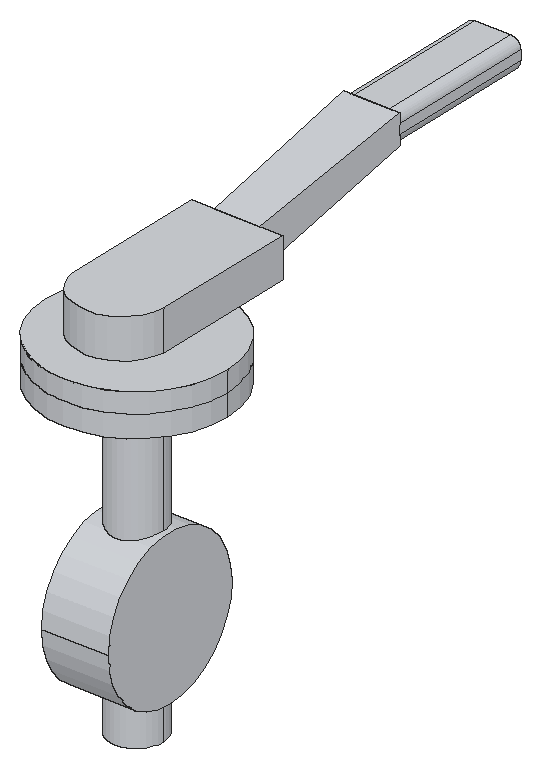
Revit family "HS497-67_disk-litina-s pákou DN040-RFA_2019", category Pipe Accessories, Revit 2019
Family settings
  Round Connector Dimension = Use Diameter
  Part Type = Valve - Breaks Into
  Work Plane-Based = No
  Always vertical = Yes
  Cut with Voids When Loaded = No
  Shared = No
Parameters (values of type "HS 497-67_DN040_PN16_s pákou")
  magiProductId = "c1b522ca65b4407a98818f232eaacb"
  magiProductFamilyId = "53cea81e6f374d17b8841d9c72ad77"
  magiPartTypeId = 305
  isMeasuringValve [instance] = no
  ang2D [instance] = 0.00°
  X11 = 61.456 mm
  X1 = 25.456 mm
  W2D = 1000 mm
  VersionID = "2.0/2017.9.26.1/ZETKAMA_497_001"
  Use Minimum Symbol Size [instance] = yes
  URL = "http://www.hydronic.cz"
  Type Comments = "mezipřírubová; litinový disk; PN16; -10~+110°C (krátkodobě +120°C)"
  SW30 = no
  SW3 = no
  SW21 = no
  SW20 = yes
  SW2 = yes
  SW1 = no
  R = 20 mm
  QmdConnectorList = "301;D;302;D"
  Productdata [instance] = ""
  NC = 50 mm
  Model = ""
  Manufacturer = "Hydronic Systems Prague s.r.o."
  MM20 = 25.456 mm
  MC Product Code = "120 040 (litinový disk, s pákou; DN40; PN16, kvs78)"
  M41 = 66 mm
  M4 = 44 mm
  LHL = 220 mm
  LHH3 = 2.45 mm
  LHH1 = 46.55 mm
  LH1 = 73.333 mm
  L4R__ve = -L4R  # -12.8 mm
  L4R = 12.8 mm
  L42__ve = -L42  # -96 mm
  L42 = 96 mm
  L41__ve = -L41  # -19.2 mm
  L41 = 19.2 mm
  L2D_Min = 3048 mm
  L2D = 216 mm
  L2 = 16.5 mm
  L1 = 26.4 mm
  L = 33 mm
  H = 30 mm
  G22 = 11.25 mm
  G2 = 22.5 mm
  G1 = 90 mm
  G = 90 mm
  F = 11 mm
  E44 = 31.25 mm
  E42 = 62.5 mm
  E4 = 125 mm
  E23 = 4.9 mm
  E22 = 19.6 mm
  E21 = 9.8 mm
  Description = "Mezipřírubová uzavírací klapka s pákou; litinový disk, DN40; PN16; kvs78"
  DR2 = 20 mm
  DR = 76 mm
  DD1 = 15.625 mm
  DD = 12.5 mm
  D = 40 mm
  CAT0 = yes
  B2__ve = -B2  # -36 mm
  B2 = 36 mm
  A2 = 11 mm
  A1 = 79 mm
Types (43, lengths in mm): name | magiProductId | X11 | X1 | Type Comments | SW30 | SW3 | SW20 | SW2 | SW1 | R | NC | MM20 | MC Product Code | M41 | M4 | LHL | LHH3 | LHH1 | LH1 | L4R__ve | L4R | L42__ve | L42 | L41__ve | L41 | L2 | L1 | L | H | G | F | E44 | E42 | E4 | E23 | E22 | E21 | Description | DR2 | DR | DD1 | DD | D | B2__ve | B2 | A2 | A1
  HS 497-67_DN100_PN16_volné vřeteno | "65d1b245f4f142c78569c0602d5754" | 61.456 | 25.456 | "mezipřírubová; litinový disk; PN16; -10~+110°C (krátkodobě +120°C)" | no | no | no | no | yes | 50 | 50 | 25.456 | "123 100 (litinový disk, s volným vřetenem; DN100; PN16, kvs512)" | 66 | 44 | 220 | 2.45 | 46.55 | 73.333 | -12.8 | 12.8 | -96 | 96 | -19.2 | 19.2 | 26 | 41.6 | 52 | 30 | 90 | 11 | 31.25 | 62.5 | 125 | 4.9 | 19.6 | 9.8 | "Mezipřírubová uzavírací klapka s volným vřetenem; litinový disk, DN100; PN16; kvs512" | 50 | 147 | 15.625 | 12.5 | 100 | -56 | 56 | 16.5 | 98.5
  HS 497-67_DN100_PN16_převodové kolo | "11e91b807e674d428c8e796fcdcfe2" | 61.456 | 25.456 | "mezipřírubová; litinový disk; PN16; -10~+110°C (krátkodobě +120°C)" | yes | yes | no | no | no | 50 | 50 | 25.456 | "125 100 (litinový disk, s převodovým kolem; DN100; PN16, kvs512)" | 65.25 | 43.5 | 220 | 2.45 | 46.55 | 73.333 | -12.8 | 12.8 | -96 | 96 | -19.2 | 19.2 | 26 | 41.6 | 52 | 30 | 90 | 11 | 31.25 | 62.5 | 125 | 4.9 | 19.6 | 9.8 | "Mezipřírubová uzavírací klapka s převodovým kolem; litinový disk, DN100; PN16; kvs512" | 50 | 147 | 15.625 | 12.5 | 100 | -56 | 56 | 16.5 | 98.5
  HS 497-67_DN100_PN16_s pákou | "28172f0b3f4b47b28323ac71cf8749" | 61.456 | 25.456 | "mezipřírubová; litinový disk; PN16; -10~+110°C (krátkodobě +120°C)" | no | no | yes | yes | no | 50 | 50 | 25.456 | "120 100 (litinový disk, s pákou; DN100; PN16, kvs512)" | 66 | 44 | 260 | 3 | 57 | 86.667 | -12.8 | 12.8 | -96 | 96 | -19.2 | 19.2 | 26 | 41.6 | 52 | 30 | 90 | 11 | 31.25 | 62.5 | 125 | 6 | 24 | 12 | "Mezipřírubová uzavírací klapka s pákou; litinový disk, DN100; PN16; kvs512" | 50 | 147 | 15.625 | 12.5 | 100 | -56 | 56 | 16.5 | 98.5
  HS 497-67_DN125_PN16_volné vřeteno | "0d813d910fc14f628bb3c2efbd185c" | 61.456 | 25.456 | "mezipřírubová; litinový disk; PN16; -10~+110°C (krátkodobě +120°C)" | no | no | no | no | yes | 62.5 | 50 | 25.456 | "123 125 (litinový disk, s volným vřetenem; DN125; PN16, kvs872)" | 66 | 44 | 220 | 2.45 | 46.55 | 73.333 | -12.8 | 12.8 | -96 | 96 | -19.2 | 19.2 | 28 | 44.8 | 56 | 33 | 90 | 14 | 31.25 | 62.5 | 125 | 4.9 | 19.6 | 9.8 | "Mezipřírubová uzavírací klapka s volným vřetenem; litinový disk, DN125; PN16; kvs872" | 62.5 | 180 | 15.625 | 12.5 | 125 | -64 | 64 | 18 | 99.5
  HS 497-67_DN125_PN16_převodové kolo | "c56b7c13f372467684996fb1e0e229" | 61.456 | 25.456 | "mezipřírubová; litinový disk; PN16; -10~+110°C (krátkodobě +120°C)" | yes | yes | no | no | no | 62.5 | 50 | 25.456 | "125 125 (litinový disk, s převodovým kolem; DN125; PN16, kvs872)" | 65.25 | 43.5 | 220 | 2.45 | 46.55 | 73.333 | -13.5 | 13.5 | -101.25 | 101.25 | -20.25 | 20.25 | 28 | 44.8 | 56 | 33 | 90 | 14 | 40 | 80 | 160 | 4.9 | 19.6 | 9.8 | "Mezipřírubová uzavírací klapka s převodovým kolem; litinový disk, DN125; PN16; kvs872" | 62.5 | 180 | 20 | 16 | 125 | -64 | 64 | 18 | 99.5
  HS 497-67_DN125_PN16_s pákou | "105993c79a91492399feef7931321a" | 61.456 | 25.456 | "mezipřírubová; litinový disk; PN16; -10~+110°C (krátkodobě +120°C)" | no | no | yes | yes | no | 62.5 | 50 | 25.456 | "120 125 (litinový disk, s pákou; DN125; PN16, kvs872)" | 66 | 44 | 315 | 3.75 | 71.25 | 105 | -12.8 | 12.8 | -96 | 96 | -19.2 | 19.2 | 28 | 44.8 | 56 | 33 | 90 | 14 | 31.25 | 62.5 | 125 | 7.5 | 30 | 15 | "Mezipřírubová uzavírací klapka s pákou; litinový disk, DN125; PN16; kvs872" | 62.5 | 180 | 15.625 | 12.5 | 125 | -64 | 64 | 18 | 99.5
  HS 497-67_DN150_PN16_volné vřeteno | "50c80cb8ab434f55ab7796e5ac1331" | 61.456 | 25.456 | "mezipřírubová; litinový disk; PN16; -10~+110°C (krátkodobě +120°C)" | no | no | no | no | yes | 75 | 50 | 25.456 | "123 150 (litinový disk, s volným vřetenem; DN150; PN16, kvs1347)" | 66 | 44 | 220 | 2.45 | 46.55 | 73.333 | -12.8 | 12.8 | -96 | 96 | -19.2 | 19.2 | 28 | 44.8 | 56 | 33 | 90 | 14 | 31.25 | 62.5 | 125 | 4.9 | 19.6 | 9.8 | "Mezipřírubová uzavírací klapka s volným vřetenem; litinový disk, DN150; PN16; kvs1347" | 75 | 206 | 15.625 | 12.5 | 150 | -58 | 58 | 19.3 | 98.7
  HS 497-67_DN150_PN16_převodové kolo | "d94a1a0cf83b476eb10011b327f709" | 61.456 | 25.456 | "mezipřírubová; litinový disk; PN16; -10~+110°C (krátkodobě +120°C)" | yes | yes | no | no | no | 75 | 50 | 25.456 | "125 150 (litinový disk, s převodovým kolem; DN150; PN16, kvs1347)" | 65.25 | 43.5 | 220 | 2.45 | 46.55 | 73.333 | -13.5 | 13.5 | -101.25 | 101.25 | -20.25 | 20.25 | 28 | 44.8 | 56 | 33 | 90 | 14 | 40 | 80 | 160 | 4.9 | 19.6 | 9.8 | "Mezipřírubová uzavírací klapka s převodovým kolem; litinový disk, DN150; PN16; kvs1347" | 75 | 206 | 20 | 16 | 150 | -58 | 58 | 19.3 | 98.7
  HS 497-67_DN150_PN16_s pákou | "4d2835523fe84828bc50ff0a5a0dfb" | 61.456 | 25.456 | "mezipřírubová; litinový disk; PN16; -10~+110°C (krátkodobě +120°C)" | no | no | yes | yes | no | 75 | 50 | 25.456 | "120 150 (litinový disk, s pákou; DN150; PN16, kvs1347)" | 66 | 44 | 315 | 3.75 | 71.25 | 105 | -12.8 | 12.8 | -96 | 96 | -19.2 | 19.2 | 28 | 44.8 | 56 | 33 | 90 | 14 | 31.25 | 62.5 | 125 | 7.5 | 30 | 15 | "Mezipřírubová uzavírací klapka s pákou; litinový disk, DN150; PN16; kvs1347" | 75 | 206 | 15.625 | 12.5 | 150 | -58 | 58 | 19.3 | 98.7
  HS 497-67_DN200_PN16_volné vřeteno | "5b29029eaeba47139ee1055a4b9201" | 61.456 | 25.456 | "mezipřírubová; litinový disk; PN16; -10~+110°C (krátkodobě +120°C)" | no | no | no | no | yes | 100 | 50 | 25.456 | "123 200 (litinový disk, s volným vřetenem; DN200; PN16, kvs2675)" | 66 | 44 | 220 | 2.45 | 46.55 | 73.333 | -12.8 | 12.8 | -96 | 96 | -19.2 | 19.2 | 30 | 48 | 60 | 33 | 90 | 17 | 31.25 | 62.5 | 125 | 4.9 | 19.6 | 9.8 | "Mezipřírubová uzavírací klapka s volným vřetenem; litinový disk, DN200; PN16; kvs2675" | 100 | 257 | 15.625 | 12.5 | 200 | -70 | 70 | 22.5 | 102.5
  HS 497-67_DN200_PN16_převodové kolo | "b2793cc1fcc44cf2a35062cd67c04f" | 61.456 | 25.456 | "mezipřírubová; litinový disk; PN16; -10~+110°C (krátkodobě +120°C)" | yes | yes | no | no | no | 100 | 57 | 25.456 | "125 200 (litinový disk, s převodovým kolem; DN200; PN16, kvs2675)" | 78.75 | 52.5 | 220 | 2.45 | 46.55 | 73.333 | -15.2 | 15.2 | -114 | 114 | -22.8 | 22.8 | 30 | 48 | 60 | 33 | 90 | 17 | 50 | 100 | 200 | 4.9 | 19.6 | 9.8 | "Mezipřírubová uzavírací klapka s převodovým kolem; litinový disk, DN200; PN16; kvs2675" | 100 | 257 | 25 | 20 | 200 | -70 | 70 | 22.5 | 102.5
  HS 497-67_DN200_PN16_s pákou | "f88d96c7af224537a51e72d7d8fffe" | 61.456 | 25.456 | "mezipřírubová; litinový disk; PN16; -10~+110°C (krátkodobě +120°C)" | no | no | yes | yes | no | 100 | 50 | 25.456 | "120 200 (litinový disk, s pákou; DN200; PN16, kvs2675)" | 66 | 44 | 315 | 3.75 | 71.25 | 105 | -12.8 | 12.8 | -96 | 96 | -19.2 | 19.2 | 30 | 48 | 60 | 33 | 90 | 17 | 31.25 | 62.5 | 125 | 7.5 | 30 | 15 | "Mezipřírubová uzavírací klapka s pákou; litinový disk, DN200; PN16; kvs2675" | 100 | 257 | 15.625 | 12.5 | 200 | -70 | 70 | 22.5 | 102.5
  HS 497-67_DN250_PN16_volné vřeteno | "b662e8305ca2402b9c510e66e6aa55" | 88.77 | 36.77 | "mezipřírubová; litinový disk; PN16; -10~+110°C (krátkodobě +120°C)" | no | no | no | no | yes | 125 | 50 | 36.77 | "123 250 (litinový disk, s volným vřetenem; DN250; PN16, kvs4555)" | 66 | 44 | 220 | 2.45 | 46.55 | 73.333 | -12.8 | 12.8 | -96 | 96 | -19.2 | 19.2 | 34 | 54.4 | 68 | 23 | 130 | 22 | 31.25 | 62.5 | 125 | 4.9 | 19.6 | 9.8 | "Mezipřírubová uzavírací klapka s volným vřetenem; litinový disk, DN250; PN16; kvs4555" | 125 | 324 | 15.625 | 12.5 | 250 | -85 | 85 | 28.25 | 129.25
  HS 497-67_DN250_PN16_převodové kolo | "5ee9016806664ddfaa2632711f295c" | 88.77 | 36.77 | "mezipřírubová; litinový disk; PN16; -10~+110°C (krátkodobě +120°C)" | yes | yes | no | no | no | 125 | 70 | 36.77 | "125 250 (litinový disk, s převodovým kolem; DN250; PN16, kvs4555)" | 91.5 | 61 | 220 | 2.45 | 46.55 | 73.333 | -22.2 | 22.2 | -166.5 | 166.5 | -33.3 | 33.3 | 34 | 54.4 | 68 | 23 | 130 | 22 | 62.5 | 125 | 250 | 4.9 | 19.6 | 9.8 | "Mezipřírubová uzavírací klapka s převodovým kolem; litinový disk, DN250; PN16; kvs4555" | 125 | 324 | 31.25 | 25 | 250 | -85 | 85 | 28.25 | 129.25
  HS 497-67_DN300_PN16_volné vřeteno | "e1886f51ff004380a649519258edf2" | 88.77 | 36.77 | "mezipřírubová; litinový disk; PN16; -10~+110°C (krátkodobě +120°C)" | no | no | no | no | yes | 150 | 50 | 36.77 | "123 300 (litinový disk, s volným vřetenem; DN300; PN16, kvs7037)" | 66 | 44 | 220 | 2.45 | 46.55 | 73.333 | -12.8 | 12.8 | -96 | 96 | -19.2 | 19.2 | 39 | 62.4 | 78 | 23 | 130 | 22 | 31.25 | 62.5 | 125 | 4.9 | 19.6 | 9.8 | "Mezipřírubová uzavírací klapka s volným vřetenem; litinový disk, DN300; PN16; kvs7037" | 150 | 376 | 15.625 | 12.5 | 300 | -90 | 90 | 30.8 | 127.2
  HS 497-67_DN300_PN16_převodové kolo | "6860f094f77d42088fbebc3c97f755" | 88.77 | 36.77 | "mezipřírubová; litinový disk; PN16; -10~+110°C (krátkodobě +120°C)" | yes | yes | no | no | no | 150 | 70 | 36.77 | "125 300 (litinový disk, s převodovým kolem; DN300; PN16, kvs7037)" | 91.5 | 61 | 220 | 2.45 | 46.55 | 73.333 | -22.2 | 22.2 | -166.5 | 166.5 | -33.3 | 33.3 | 39 | 62.4 | 78 | 23 | 130 | 22 | 62.5 | 125 | 250 | 4.9 | 19.6 | 9.8 | "Mezipřírubová uzavírací klapka s převodovým kolem; litinový disk, DN300; PN16; kvs7037" | 150 | 376 | 31.25 | 25 | 300 | -90 | 90 | 30.8 | 127.2
  HS 497-67_DN032_PN16_volné vřeteno | "8c5f65de52aa4067a77564107e31b2" | 61.456 | 25.456 | "mezipřírubová; litinový disk; PN16; -10~+110°C (krátkodobě +120°C)" | no | no | no | no | yes | 16 | 50 | 25.456 | "123 032 (litinový disk, s volným vřetenem; DN32; PN16, kvs78)" | 66 | 44 | 220 | 2.45 | 46.55 | 73.333 | -12.8 | 12.8 | -96 | 96 | -19.2 | 19.2 | 16.5 | 26.4 | 33 | 30 | 90 | 11 | 31.25 | 62.5 | 125 | 4.9 | 19.6 | 9.8 | "Mezipřírubová uzavírací klapka s volným vřetenem; litinový disk, DN32; PN16; kvs78" | 16 | 68 | 15.625 | 12.5 | 32 | -44.2 | 44.2 | 10.25 | 76.25
  HS 497-67_DN032_PN16_převodové kolo | "60aaeffa8b3a4e809ef000e4660060" | 61.456 | 25.456 | "mezipřírubová; litinový disk; PN16; -10~+110°C (krátkodobě +120°C)" | yes | yes | no | no | no | 16 | 50 | 25.456 | "125 032 (litinový disk, s převodovým kolem; DN32; PN16, kvs78)" | 65.25 | 43.5 | 220 | 2.45 | 46.55 | 73.333 | -12.8 | 12.8 | -96 | 96 | -19.2 | 19.2 | 16.5 | 26.4 | 33 | 30 | 90 | 11 | 31.25 | 62.5 | 125 | 4.9 | 19.6 | 9.8 | "Mezipřírubová uzavírací klapka s převodovým kolem; litinový disk, DN32; PN16; kvs78" | 16 | 68 | 15.625 | 12.5 | 32 | -44.2 | 44.2 | 10.25 | 76.25
  HS 497-67_DN032_PN16_s pákou | "9ad8088d610749a1b871aa2aad8007" | 61.456 | 25.456 | "mezipřírubová; litinový disk; PN16; -10~+110°C (krátkodobě +120°C)" | no | no | yes | yes | no | 16 | 50 | 25.456 | "120 032 (litinový disk, s pákou; DN32; PN16, kvs78)" | 66 | 44 | 220 | 2.45 | 46.55 | 73.333 | -12.8 | 12.8 | -96 | 96 | -19.2 | 19.2 | 16.5 | 26.4 | 33 | 30 | 90 | 11 | 31.25 | 62.5 | 125 | 4.9 | 19.6 | 9.8 | "Mezipřírubová uzavírací klapka s pákou; litinový disk, DN32; PN16; kvs78" | 16 | 68 | 15.625 | 12.5 | 32 | -44.2 | 44.2 | 10.25 | 76.25
  HS 497-67_DN350_PN10_volné vřeteno | "72a1e05f22944421b7e9596a877137" | 109.255 | 45.255 | "mezipřírubová; litinový disk; PN10; -10~+110°C (krátkodobě +120°C)" | no | no | no | no | yes | 175 | 50 | 45.255 | "123 350 (litinový disk, s volným vřetenem; DN350; PN10, kvs10165)" | 66 | 44 | 220 | 2.45 | 46.55 | 73.333 | -12.8 | 12.8 | -96 | 96 | -19.2 | 19.2 | 39 | 62.4 | 78 | 31 | 160 | 22 | 31.25 | 62.5 | 125 | 4.9 | 19.6 | 9.8 | "Mezipřírubová uzavírací klapka s volným vřetenem; litinový disk, DN350; PN10; kvs10165" | 175 | 430 | 15.625 | 12.5 | 350 | -88 | 88 | 33.85 | 129.65
  HS 497-67_DN350_PN10_převodové kolo | "a5a01426cb28494ba3afca92f1dace" | 109.255 | 45.255 | "mezipřírubová; litinový disk; PN10; -10~+110°C (krátkodobě +120°C)" | yes | yes | no | no | no | 175 | 70 | 45.255 | "125 350 (litinový disk, s převodovým kolem; DN350; PN10, kvs10165)" | 91.5 | 61 | 220 | 2.45 | 46.55 | 73.333 | -22.2 | 22.2 | -166.5 | 166.5 | -33.3 | 33.3 | 39 | 62.4 | 78 | 31 | 160 | 22 | 62.5 | 125 | 250 | 4.9 | 19.6 | 9.8 | "Mezipřírubová uzavírací klapka s převodovým kolem; litinový disk, DN350; PN10; kvs10165" | 175 | 430 | 31.25 | 25 | 350 | -88 | 88 | 33.85 | 129.65
  HS 497-67_DN400_PN10_volné vřeteno | "c70ebeb927c04ab99b176e257ad0a7" | 109.255 | 45.255 | "mezipřírubová; litinový disk; PN10; -10~+110°C (krátkodobě +120°C)" | no | no | no | no | yes | 200 | 50 | 45.255 | "123 400 (litinový disk, s volným vřetenem; DN400; PN10, kvs13799)" | 66 | 44 | 220 | 2.45 | 46.55 | 73.333 | -12.8 | 12.8 | -96 | 96 | -19.2 | 19.2 | 51 | 81.6 | 102 | 31 | 160 | 27 | 31.25 | 62.5 | 125 | 4.9 | 19.6 | 9.8 | "Mezipřírubová uzavírací klapka s volným vřetenem; litinový disk, DN400; PN10; kvs13799" | 200 | 485 | 15.625 | 12.5 | 400 | -108 | 108 | 38 | 142
  HS 497-67_DN400_PN10_převodové kolo | "cc64a4384dcb41b780d81810f4f293" | 109.255 | 45.255 | "mezipřírubová; litinový disk; PN10; -10~+110°C (krátkodobě +120°C)" | yes | yes | no | no | no | 200 | 72.5 | 45.255 | "125 400 (litinový disk, s převodovým kolem; DN400; PN10, kvs13799)" | 103.5 | 69 | 220 | 2.45 | 46.55 | 73.333 | -27.8 | 27.8 | -208.5 | 208.5 | -41.7 | 41.7 | 51 | 81.6 | 102 | 31 | 160 | 27 | 75 | 150 | 300 | 4.9 | 19.6 | 9.8 | "Mezipřírubová uzavírací klapka s převodovým kolem; litinový disk, DN400; PN10; kvs13799" | 200 | 485 | 37.5 | 30 | 400 | -108 | 108 | 38 | 142
  HS 497-67_DN040_PN16_volné vřeteno | "35f92312390745e88df5b5c325d9ee" | 61.456 | 25.456 | "mezipřírubová; litinový disk; PN16; -10~+110°C (krátkodobě +120°C)" | no | no | no | no | yes | 20 | 50 | 25.456 | "123 040 (litinový disk, s volným vřetenem; DN40; PN16, kvs78)" | 66 | 44 | 220 | 2.45 | 46.55 | 73.333 | -12.8 | 12.8 | -96 | 96 | -19.2 | 19.2 | 16.5 | 26.4 | 33 | 30 | 90 | 11 | 31.25 | 62.5 | 125 | 4.9 | 19.6 | 9.8 | "Mezipřírubová uzavírací klapka s volným vřetenem; litinový disk, DN40; PN16; kvs78" | 20 | 76 | 15.625 | 12.5 | 40 | -36 | 36 | 11 | 79
  HS 497-67_DN040_PN16_převodové kolo | "d88e968eae3445bc9b7b4e6ff35127" | 61.456 | 25.456 | "mezipřírubová; litinový disk; PN16; -10~+110°C (krátkodobě +120°C)" | yes | yes | no | no | no | 20 | 50 | 25.456 | "125 040 (litinový disk, s převodovým kolem; DN40; PN16, kvs78)" | 65.25 | 43.5 | 220 | 2.45 | 46.55 | 73.333 | -12.8 | 12.8 | -96 | 96 | -19.2 | 19.2 | 16.5 | 26.4 | 33 | 30 | 90 | 11 | 31.25 | 62.5 | 125 | 4.9 | 19.6 | 9.8 | "Mezipřírubová uzavírací klapka s převodovým kolem; litinový disk, DN40; PN16; kvs78" | 20 | 76 | 15.625 | 12.5 | 40 | -36 | 36 | 11 | 79
  HS 497-67_DN040_PN16_s pákou | "c1b522ca65b4407a98818f232eaacb" | 61.456 | 25.456 | "mezipřírubová; litinový disk; PN16; -10~+110°C (krátkodobě +120°C)" | no | no | yes | yes | no | 20 | 50 | 25.456 | "120 040 (litinový disk, s pákou; DN40; PN16, kvs78)" | 66 | 44 | 220 | 2.45 | 46.55 | 73.333 | -12.8 | 12.8 | -96 | 96 | -19.2 | 19.2 | 16.5 | 26.4 | 33 | 30 | 90 | 11 | 31.25 | 62.5 | 125 | 4.9 | 19.6 | 9.8 | "Mezipřírubová uzavírací klapka s pákou; litinový disk, DN40; PN16; kvs78" | 20 | 76 | 15.625 | 12.5 | 40 | -36 | 36 | 11 | 79
  HS 497-67_DN450_PN10_volné vřeteno | "a8358bc282f14872b3194e530e590a" | 129.74 | 53.74 | "mezipřírubová; litinový disk; PN10; -10~+110°C (krátkodobě +120°C)" | no | no | no | no | yes | 225 | 50 | 53.74 | "123 450 (litinový disk, s volným vřetenem; DN450; PN10, kvs18514)" | 66 | 44 | 220 | 2.45 | 46.55 | 73.333 | -12.8 | 12.8 | -96 | 96 | -19.2 | 19.2 | 57 | 91.2 | 114 | 38 | 190 | 36 | 31.25 | 62.5 | 125 | 4.9 | 19.6 | 9.8 | "Mezipřírubová uzavírací klapka s volným vřetenem; litinový disk, DN450; PN10; kvs18514" | 225 | 536 | 15.625 | 12.5 | 450 | -115 | 115 | 38.05 | 117.45
  HS 497-67_DN450_PN10_převodové kolo | "cdf2d80f54a9414f9cbe50647c0ebd" | 129.74 | 53.74 | "mezipřírubová; litinový disk; PN10; -10~+110°C (krátkodobě +120°C)" | yes | yes | no | no | no | 225 | 91.5 | 53.74 | "125 450 (litinový disk, s převodovým kolem; DN450; PN10, kvs18514)" | 144.75 | 96.5 | 220 | 2.45 | 46.55 | 73.333 | -32.1 | 32.1 | -240.75 | 240.75 | -48.15 | 48.15 | 57 | 91.2 | 114 | 38 | 190 | 36 | 100 | 200 | 400 | 4.9 | 19.6 | 9.8 | "Mezipřírubová uzavírací klapka s převodovým kolem; litinový disk, DN450; PN10; kvs18514" | 225 | 536 | 50 | 40 | 450 | -115 | 115 | 38.05 | 117.45
  HS 497-67_DN500_PN10_volné vřeteno | "8c396e27bb2743f98f3c762b6517cd" | 143.397 | 59.397 | "mezipřírubová; litinový disk; PN10; -10~+110°C (krátkodobě +120°C)" | no | no | no | no | yes | 250 | 50 | 59.397 | "123 500 (litinový disk, s volným vřetenem; DN500; PN10, kvs23805)" | 66 | 44 | 220 | 2.45 | 46.55 | 73.333 | -12.8 | 12.8 | -96 | 96 | -19.2 | 19.2 | 63.5 | 101.6 | 127 | 38 | 210 | 36 | 31.25 | 62.5 | 125 | 4.9 | 19.6 | 9.8 | "Mezipřírubová uzavírací klapka s volným vřetenem; litinový disk, DN500; PN10; kvs23805" | 250 | 593 | 15.625 | 12.5 | 500 | -130 | 130 | 43.25 | 139.25
  HS 497-67_DN500_PN10_převodové kolo | "7647804f32e94cef828a7034a91a46" | 143.397 | 59.397 | "mezipřírubová; litinový disk; PN10; -10~+110°C (krátkodobě +120°C)" | yes | yes | no | no | no | 250 | 91.5 | 59.397 | "125 500 (litinový disk, s převodovým kolem; DN500; PN10, kvs23805)" | 144.75 | 96.5 | 220 | 2.45 | 46.55 | 73.333 | -32.1 | 32.1 | -240.75 | 240.75 | -48.15 | 48.15 | 63.5 | 101.6 | 127 | 38 | 210 | 36 | 100 | 200 | 400 | 4.9 | 19.6 | 9.8 | "Mezipřírubová uzavírací klapka s převodovým kolem; litinový disk, DN500; PN10; kvs23805" | 250 | 593 | 50 | 40 | 500 | -130 | 130 | 43.25 | 139.25
  HS 497-67_DN050_volné vřeteno | "d71f296ecd6d4adf8f6e5d9853b4e0" | 61.456 | 25.456 | "mezipřírubová; litinový disk; PN16; -10~+110°C (krátkodobě +120°C)" | no | no | no | no | yes | 25 | 50 | 25.456 | "123 050 (litinový disk, s volným vřetenem; DN50; PN16, kvs98)" | 66 | 44 | 220 | 2.45 | 46.55 | 73.333 | -12.8 | 12.8 | -96 | 96 | -19.2 | 19.2 | 21.5 | 34.4 | 43 | 30 | 90 | 11 | 31.25 | 62.5 | 125 | 4.9 | 19.6 | 9.8 | "Mezipřírubová uzavírací klapka s volným vřetenem; litinový disk, DN50; PN16; kvs98" | 25 | 100 | 15.625 | 12.5 | 50 | -36.5 | 36.5 | 12 | 83
  HS 497-67_DN050_PN16_převodové kolo | "2fb080deeaed49c58418b94c1da5a4" | 61.456 | 25.456 | "mezipřírubová; litinový disk; PN16; -10~+110°C (krátkodobě +120°C)" | yes | yes | no | no | no | 25 | 50 | 25.456 | "125 050 (litinový disk, s převodovým kolem; DN50; PN16, kvs98)" | 65.25 | 43.5 | 220 | 2.45 | 46.55 | 73.333 | -12.8 | 12.8 | -96 | 96 | -19.2 | 19.2 | 21.5 | 34.4 | 43 | 30 | 90 | 11 | 31.25 | 62.5 | 125 | 4.9 | 19.6 | 9.8 | "Mezipřírubová uzavírací klapka s převodovým kolem; litinový disk, DN50; PN16; kvs98" | 25 | 100 | 15.625 | 12.5 | 50 | -36.5 | 36.5 | 12 | 83
  HS 497-67_DN050_PN16_s pákou | "dabc632061f94877a994b9b4e68112" | 61.456 | 25.456 | "mezipřírubová; litinový disk; PN16; -10~+110°C (krátkodobě +120°C)" | no | no | yes | yes | no | 25 | 50 | 25.456 | "120 050 (litinový disk, s pákou; DN50; PN16, kvs98)" | 66 | 44 | 220 | 2.45 | 46.55 | 73.333 | -12.8 | 12.8 | -96 | 96 | -19.2 | 19.2 | 21.5 | 34.4 | 43 | 30 | 90 | 11 | 31.25 | 62.5 | 125 | 4.9 | 19.6 | 9.8 | "Mezipřírubová uzavírací klapka s pákou; litinový disk, DN50; PN16; kvs98" | 25 | 100 | 15.625 | 12.5 | 50 | -36.5 | 36.5 | 12 | 83
  HS 497-67_DN600_PN10_volné vřeteno | "99d5892c14664fce81a7c5903f7711" | 143.397 | 59.397 | "mezipřírubová; litinový disk; PN10; -10~+110°C (krátkodobě +120°C)" | no | no | no | no | yes | 300 | 50 | 59.397 | "123 600 (litinový disk, s volným vřetenem; DN600; PN10, kvs36778)" | 66 | 44 | 220 | 2.45 | 46.55 | 73.333 | -12.8 | 12.8 | -96 | 96 | -19.2 | 19.2 | 77 | 123.2 | 154 | 80 | 210 | 60 | 31.25 | 62.5 | 125 | 4.9 | 19.6 | 9.8 | "Mezipřírubová uzavírací klapka s volným vřetenem; litinový disk, DN600; PN10; kvs36788" | 300 | 690 | 15.625 | 12.5 | 600 | -140 | 140 | 49.4 | 144.6
  HS 497-67_DN600_PN10_převodové kolo | "b1e26faab48a4c499f6bb11e7e3002" | 143.397 | 59.397 | "mezipřírubová; litinový disk; PN10; -10~+110°C (krátkodobě +120°C)" | yes | yes | no | no | no | 300 | 140 | 59.397 | "125 600 (litinový disk, s převodovým kolem; DN600; PN10, kvs36778)" | 206.25 | 137.5 | 220 | 2.45 | 46.55 | 73.333 | -40.8 | 40.8 | -306 | 306 | -61.2 | 61.2 | 77 | 123.2 | 154 | 80 | 210 | 60 | 125 | 250 | 500 | 4.9 | 19.6 | 9.8 | "Mezipřírubová uzavírací klapka s převodovým kolem; litinový disk, DN600; PN10; kvs36788" | 300 | 690 | 62.5 | 50 | 600 | -140 | 140 | 49.4 | 144.6
  HS 497-67_DN065_PN16_volné vřeteno | "5e5e208646e34ec29f889baab5d08e" | 61.456 | 25.456 | "mezipřírubová; litinový disk; PN16; -10~+110°C (krátkodobě +120°C)" | no | no | no | no | yes | 32.5 | 50 | 25.456 | "123 065 (litinový disk, s volným vřetenem; DN65; PN16, kvs167)" | 66 | 44 | 220 | 2.45 | 46.55 | 73.333 | -12.8 | 12.8 | -96 | 96 | -19.2 | 19.2 | 23 | 36.8 | 46 | 30 | 90 | 11 | 31.25 | 62.5 | 125 | 4.9 | 19.6 | 9.8 | "Mezipřírubová uzavírací klapka s volným vřetenem; litinový disk, DN65; PN16; kv167" | 32.5 | 108 | 15.625 | 12.5 | 65 | -36.5 | 36.5 | 13.5 | 89
  HS 497-67_DN065_PN16_převodové kolo | "654d74c8d15540b0bfe523d988ccb3" | 61.456 | 25.456 | "mezipřírubová; litinový disk; PN16; -10~+110°C (krátkodobě +120°C)" | yes | yes | no | no | no | 32.5 | 50 | 25.456 | "125 065 (litinový disk, s převodovým kolem; DN65; PN16, kvs167)" | 65.25 | 43.5 | 220 | 2.45 | 46.55 | 73.333 | -12.8 | 12.8 | -96 | 96 | -19.2 | 19.2 | 23 | 36.8 | 46 | 30 | 90 | 11 | 31.25 | 62.5 | 125 | 4.9 | 19.6 | 9.8 | "Mezipřírubová uzavírací klapka s převodovým kolem; litinový disk, DN65; PN16; kvs167" | 32.5 | 108 | 15.625 | 12.5 | 65 | -36.5 | 36.5 | 13.5 | 89
  HS 497-67_DN065_PN16_s pákou | "ebeb4b59db0641caaf6d6635ab37b9" | 61.456 | 25.456 | "mezipřírubová; litinový disk; PN16; -10~+110°C (krátkodobě +120°C)" | no | no | yes | yes | no | 32.5 | 50 | 25.456 | "120 065 (litinový disk, s pákou; DN65; PN16, kvs167)" | 66 | 44 | 220 | 2.45 | 46.55 | 73.333 | -12.8 | 12.8 | -96 | 96 | -19.2 | 19.2 | 23 | 36.8 | 46 | 30 | 90 | 11 | 31.25 | 62.5 | 125 | 4.9 | 19.6 | 9.8 | "Mezipřírubová uzavírací klapka s pákou; litinový disk, DN65; PN16; kvs167" | 32.5 | 108 | 15.625 | 12.5 | 65 | -36.5 | 36.5 | 13.5 | 89
  HS 497-67_DN080_PN16_volné vřeteno | "9e85c75c18654e1185a9c48ed6b00e" | 61.456 | 25.456 | "mezipřírubová; litinový disk; PN16; -10~+110°C (krátkodobě +120°C)" | no | no | no | no | yes | 40 | 50 | 25.456 | "123 080 (litinový disk, s volným vřetenem; DN80; PN16, kvs258)" | 66 | 44 | 220 | 2.45 | 46.55 | 73.333 | -12.8 | 12.8 | -96 | 96 | -19.2 | 19.2 | 23 | 36.8 | 46 | 30 | 90 | 11 | 31.25 | 62.5 | 125 | 4.9 | 19.6 | 9.8 | "Mezipřírubová uzavírací klapka s volným vřetenem; litinový disk, DN80; PN16; kvs258" | 40 | 124 | 15.625 | 12.5 | 80 | -54 | 54 | 14.1 | 86.9
  HS 497-67_DN080_PN16_převodové kolo | "5b3c8238c3d041e68c75b199e7ea46" | 61.456 | 25.456 | "mezipřírubová; litinový disk; PN16; -10~+110°C (krátkodobě +120°C)" | yes | yes | no | no | no | 40 | 50 | 25.456 | "125 080 (litinový disk, s převodovým kolem; DN80; PN16, kvs258)" | 65.25 | 43.5 | 220 | 2.45 | 46.55 | 73.333 | -12.8 | 12.8 | -96 | 96 | -19.2 | 19.2 | 23 | 36.8 | 46 | 30 | 90 | 11 | 31.25 | 62.5 | 125 | 4.9 | 19.6 | 9.8 | "Mezipřírubová uzavírací klapka s převodovým kolem; litinový disk, DN80; PN16; kvs258" | 40 | 124 | 15.625 | 12.5 | 80 | -54 | 54 | 14.1 | 86.9
  HS 497-67_DN080_PN16_s pákou | "e414795fab0f4eccb99bc3572c5477" | 61.456 | 25.456 | "mezipřírubová; litinový disk; PN16; -10~+110°C (krátkodobě +120°C)" | no | no | yes | yes | no | 40 | 50 | 25.456 | "120 080 (litinový disk, s pákou; DN80; PN16, kvs258)" | 66 | 44 | 260 | 3 | 57 | 86.667 | -12.8 | 12.8 | -96 | 96 | -19.2 | 19.2 | 23 | 36.8 | 46 | 30 | 90 | 11 | 31.25 | 62.5 | 125 | 6 | 24 | 12 | "Mezipřírubová uzavírací klapka s pákou; litinový disk, DN80; PN16; kvs258" | 40 | 124 | 15.625 | 12.5 | 80 | -54 | 54 | 14.1 | 86.9
  HS 497-67_DN250_PN16_s pákou | "" | 88.77 | 36.77 | "mezipřírubová; litinový disk; PN16; -10~+110°C (krátkodobě +120°C)" | no | no | yes | yes | no | 125 | 70 | 36.77 | "120 250 (litinový disk, s pákou; DN250; PN16, kvs4555)" | 91.5 | 61 | 220 | 2.45 | 46.55 | 73.333 | -22.2 | 22.2 | -166.5 | 166.5 | -33.3 | 33.3 | 34 | 54.4 | 68 | 23 | 130 | 22 | 62.5 | 125 | 250 | 4.9 | 19.6 | 9.8 | "Mezipřírubová uzavírací klapka s pákou; litinový disk, DN250; PN16; kvs4555" | 125 | 324 | 31.25 | 25 | 250 | -85 | 85 | 28.25 | 129.25
  HS 497-67_DN300_PN16_s pákou | "" | 88.77 | 36.77 | "mezipřírubová; litinový disk; PN16; -10~+110°C (krátkodobě +120°C)" | no | no | yes | yes | no | 150 | 70 | 36.77 | "120 300 (litinový disk, s pákou; DN300; PN16, kvs7037)" | 91.5 | 61 | 220 | 2.45 | 46.55 | 73.333 | -22.2 | 22.2 | -166.5 | 166.5 | -33.3 | 33.3 | 39 | 62.4 | 78 | 23 | 130 | 22 | 62.5 | 125 | 250 | 4.9 | 19.6 | 9.8 | "Mezipřírubová uzavírací klapka s pákou; litinový disk, DN300; PN16; kvs7037" | 150 | 376 | 31.25 | 25 | 300 | -90 | 90 | 30.8 | 127.2
Reference planes
  plane 1 "Center (Front/Back)": y = 0
  plane 2 "XYPLANE": z = 0
  plane 3 "Center (Left/Right)": x = 0
  plane 4 "473": x = -25.456
  plane 5 "472": x = -66
  plane 6 "471": y = -25.456
  plane 7 "470": y = 25.456
  plane 8 "469": x = -44
  plane 9 "468": y = -115.2
  plane 10 "467": y = -96
  plane 11 "466": z = 141.25
  plane 12 "465": z = 156.55
  plane 13 "464": y = 145.417
  plane 14 "463": z = 146.75
  plane 15 "462": z = 129.6
  plane 16 "461": z = 139.4
  plane 17 "460": y = 72.083
  plane 18 "459": x = -11.25
  plane 19 "458": x = 11.25
  plane 20 "457": y = -6.25
  plane 21 "456": x = -17.5
  plane 22 "455": x = 17.5
  plane 23 "454": z = 144.3
  plane 24 "453": y = 62.083
  plane 25 "452": y = -11.25
  plane 26 "451": x = -22.5
  plane 27 "450": x = 22.5
  plane 28 "449": z = 124.7
  plane 29 "448": z = 119.8
  plane 30 "447": z = -20
  plane 31 "446": z = 110
  plane 32 "445": z = 99
  plane 33 "444": z = 20
  plane 34 "443": x = 16.5
  plane 35 "442": x = -16.5
  plane 36 "441": z = 0
  plane 37 "440": y = 0
  plane 38 "439": x = 0
  plane 39 "438": z = 159
  plane 40 "437": z = 144.3
  plane 41 "436": x = 13.7
  plane 42 "435": x = -13.7
  plane 43 "434": y = 220
Forms (mm)
  Extrusion 1, solid, visible <- "SW3"
    sketch origin (-750, 0, 110) x (1, 0, 0) y (0, 1, 0)
      loop
        line (684, 25.456) -> (684, -25.456) -> (724.544, -25.456)
        arc (724.544, -25.456) -> (786, 0) -> (724.544, 25.456) r 36
        line (724.544, 25.456) -> (684, 25.456)
    from 0 to 62.5 <- "E42"
  Extrusion 2, solid, visible <- "SW30"
    sketch origin (0, -750, 0) x (0, 1, 0) y (0, 0, 1)
      loop
        circle (750, 141.25) r 7.813
    from 0 to 50 <- "NC"
  Extrusion 3, solid, visible <- "SW30"
    sketch origin (750, -115.2, 0) x (-1, 0, 0) y (0, 0, 1)
      loop
        circle (794, 141.25) r 62.5
    from 0 to -12.8 <- "L4R__ve"
  Extrusion 4, solid, visible <- "SW3"
    sketch origin (750, -96, 0) x (-1, 0, 0) y (0, 0, 1)
      loop
        circle (794, 141.25) r 7.813
    from 0 to -19.2 <- "L41__ve"
  Extrusion 5, solid, visible <- "SW30"
    sketch origin (750, 0, 0) x (-1, 0, 0) y (0, 0, 1)
      loop
        circle (794, 141.25) r 6.25
    from 0 to -96 <- "L42__ve"
  Blend 6, solid, visible <- "SW21"
    base sketch origin (750, 72.083, 0) x (-1, 0, 0) y (0, 0, 1)
      loop
        line (761.25, 139.4) -> (738.75, 139.4) -> (738.75, 129.6) -> (761.25, 129.6) -> (761.25, 139.4)
    top sketch origin (750, 72.083, 0) x (-1, 0, 0) y (0, 0, 1)
      loop
        line (761.25, 156.55) -> (738.75, 156.55) -> (738.75, 146.75) -> (761.25, 146.75) -> (761.25, 156.55)
    from 0 to 73.333
  Blend 7, solid, visible <- "SW21"
    base sketch origin (750, 62.083, 0) x (-1, 0, 0) y (0, 0, 1)
      loop
        line (761.25, 144.3) -> (738.75, 144.3) -> (738.75, 124.7) -> (761.25, 124.7) -> (761.25, 144.3)
    top sketch origin (750, 62.083, 0) x (-1, 0, 0) y (0, 0, 1)
      loop
        line (761.25, 139.4) -> (738.75, 139.4) -> (738.75, 129.6) -> (761.25, 129.6) -> (761.25, 139.4)
    from 0 to 10
  Blend 8, solid, visible <- "SW21"
    base sketch origin (-750, 0, 124.7) x (1, 0, 0) y (0, 1, 0)
      loop
        line (772.5, 62.083) -> (727.5, 62.083) -> (727.5, -11.25)
        arc (727.5, -11.25) -> (750, -31.25) -> (772.5, -11.25) r 22.656
        line (772.5, -11.25) -> (772.5, 62.083)
    top sketch origin (-750, 0, 124.7) x (1, 0, 0) y (0, 1, 0)
      loop
        line (767.5, 62.083) -> (732.5, 62.083) -> (732.5, -6.25)
        arc (732.5, -6.25) -> (750, -26.25) -> (767.5, -6.25) r 17.656
        line (767.5, -6.25) -> (767.5, 62.083)
    from 0 to 19.6
  Extrusion 9, solid, visible <- "SW2"
    sketch origin (-750, 0, 119.8) x (1, 0, 0) y (0, 1, 0)
      loop
        circle (750, 0) r 11.25
    from 0 to 4.9 <- "E23"
  Extrusion 10, solid, visible <- "SW2"
    sketch origin (-750, 0, 110) x (1, 0, 0) y (0, 1, 0)
      loop
        circle (750, 0) r 45
    from 0 to 9.8 <- "E21"
  Extrusion 11, solid, visible <- "CAT0"
    sketch origin (-750, 0, -20) x (1, 0, 0) y (0, 1, 0)
      loop
        circle (750, 0) r 13.2
    from 0 to -36 <- "B2__ve"
  Extrusion 12, solid, visible <- "CAT0"
    sketch origin (-750, 0, 99) x (1, 0, 0) y (0, 1, 0)
      loop
        circle (750, 0) r 45
    from 0 to 11 <- "A2"
  Extrusion 13, solid, visible <- "CAT0"
    sketch origin (-750, 0, 20) x (1, 0, 0) y (0, 1, 0)
      loop
        circle (750, 0) r 13.2
    from 0 to 79 <- "A1"
  Extrusion 14, solid, visible <- "CAT0"
    sketch origin (-16.5, -750, 0) x (0, 1, 0) y (0, 0, 1)
      loop
        circle (750, 0) r 38
    from 0 to 33 <- "L"
  Extrusion 15, solid, visible <- "SW1"
    sketch origin (-750, 0, 110) x (1, 0, 0) y (0, 1, 0)
      loop
        line (755.5, 5.5) -> (744.5, 5.5) -> (744.5, -5.5) -> (755.5, -5.5) -> (755.5, 5.5)
    from 0 to 30 <- "H"
  Blend 16, solid, visible <- "SW2"
    base sketch origin (750, 145.417, 0) x (-1, 0, 0) y (0, 0, 1)
      loop
        arc (763.7, 154) -> (762.236, 157.536) -> (758.7, 159) r 5
        line (758.7, 159) -> (741.3, 159)
        arc (741.3, 159) -> (737.764, 157.536) -> (736.3, 154) r 5
        line (736.3, 154) -> (736.3, 149.3)
        arc (736.3, 149.3) -> (737.764, 145.764) -> (741.3, 144.3) r 5
        line (741.3, 144.3) -> (758.7, 144.3)
        arc (758.7, 144.3) -> (762.236, 145.764) -> (763.7, 149.3) r 5
        line (763.7, 149.3) -> (763.7, 154)
    top sketch origin (750, 145.417, 0) x (-1, 0, 0) y (0, 0, 1)
      loop
        arc (763.7, 154) -> (762.236, 157.536) -> (758.7, 159) r 5
        line (758.7, 159) -> (741.3, 159)
        arc (741.3, 159) -> (737.764, 157.536) -> (736.3, 154) r 5
        line (736.3, 154) -> (736.3, 149.3)
        arc (736.3, 149.3) -> (737.764, 145.764) -> (741.3, 144.3) r 5
        line (741.3, 144.3) -> (758.7, 144.3)
        arc (758.7, 144.3) -> (762.236, 145.764) -> (763.7, 149.3) r 5
        line (763.7, 149.3) -> (763.7, 154)
    from 0 to 74.583
  Blend 17, solid, visible <- "SW20"
    base sketch origin (750, 145.417, 0) x (-1, 0, 0) y (0, 0, 1)
      loop
        line (763.7, 159) -> (736.3, 159) -> (736.3, 144.3) -> (763.7, 144.3) -> (763.7, 159)
    top sketch origin (750, 145.417, 0) x (-1, 0, 0) y (0, 0, 1)
      loop
        line (761.25, 144.3) -> (738.75, 144.3) -> (738.75, 124.7) -> (761.25, 124.7) -> (761.25, 144.3)
    from 0 to -83.333
  Extrusion 18, solid, visible <- "SW20"
    sketch origin (-750, 0, 124.7) x (1, 0, 0) y (0, 1, 0)
      loop
        line (772.5, 62.083) -> (727.5, 62.083) -> (727.5, -11.25)
        arc (727.5, -11.25) -> (750, -31.25) -> (772.5, -11.25) r 22.656
        line (772.5, -11.25) -> (772.5, 62.083)
    from 0 to 19.6 <- "E22"
  Extrusion 19, solid, not visible
    sketch origin (-16.5, -750, 0) x (0, 1, 0) y (0, 0, 1)
      loop
        circle (750, 0) r 10
    from 0 to 10
  Extrusion 20, solid, not visible
    sketch origin (16.5, -750, 0) x (0, 1, 0) y (0, 0, 1)
      loop
        circle (750, 0) r 10
    from 0 to -10
Lines and regions (mm)
  reference lines, not visible
    curve 1: circle (2, 2, 0) r 1 normal (0, 0, 1)
  reference lines
    curve 2: line (-25.456, -25.456, 110) -> (-25.456, 25.456, 110)
    curve 3: line (-17.5, -6.25, 124.7) -> (17.5, -6.25, 124.7)
    curve 4: line (-22.5, -11.25, 124.7) -> (22.5, -11.25, 124.7)
    curve 5: circle (0, 0, 110) r 1 normal (0, 0, 1)
    curve 6: line (-22.5, -11.25, 124.7) -> (22.5, -11.25, 124.7)
Dimensions and locks
  plane 1 "Center (Front/Back)" to curve 1 = 2 mm
  "X1": plane 3 "Center (Left/Right)" to plane 4 "473"
  "M41": plane 3 "Center (Left/Right)" to plane 5 "472"
  "MM20": plane 1 "Center (Front/Back)" to plane 6 "471"
  "MM20": plane 1 "Center (Front/Back)" to plane 7 "470"
  "M4": plane 3 "Center (Left/Right)" to plane 8 "469"
  "L41": plane 10 "467" to plane 9 "468"
  "L42": plane 1 "Center (Front/Back)" to plane 10 "467"
  "E44": plane 31 "446" to plane 11 "466"
  "LHH1": plane 31 "446" to plane 12 "465"
  "LH1": plane 17 "460" to plane 13 "464"
  "E21": plane 12 "465" to plane 14 "463"
  "E21": plane 16 "461" to plane 15 "462"
  "E23": plane 23 "454" to plane 16 "461"
  locked: plane 24 "453" to plane 17 "460" at 10
  "G22": plane 3 "Center (Left/Right)" to plane 18 "459"
  "G22": plane 3 "Center (Left/Right)" to plane 19 "458"
  locked: plane 25 "452" to plane 20 "457" at 5
  locked: plane 26 "451" to plane 21 "456" at 5
  locked: plane 27 "450" to plane 22 "455" at 5
  "E22": plane 28 "449" to plane 23 "454"
  "LH1": plane 25 "452" to plane 24 "453"
  "G22": plane 1 "Center (Front/Back)" to plane 25 "452"
  "G2": plane 3 "Center (Left/Right)" to plane 26 "451"
  "G2": plane 3 "Center (Left/Right)" to plane 27 "450"
  "E23": plane 29 "448" to plane 28 "449"
  "E21": plane 31 "446" to plane 29 "448"
  "R": plane 2 "XYPLANE" to plane 30 "447"
  "A2": plane 32 "445" to plane 31 "446"
  "A1": plane 33 "444" to plane 32 "445"
  "DR2": plane 2 "XYPLANE" to plane 33 "444"
  "L2": plane 3 "Center (Left/Right)" to plane 34 "443"
  "L2": plane 3 "Center (Left/Right)" to plane 35 "442"
  locked: plane 2 "XYPLANE" to plane 36 "441"
  locked: plane 1 "Center (Front/Back)" to plane 37 "440"
  locked: plane 3 "Center (Left/Right)" to plane 38 "439"
  "LHH3": plane 12 "465" to plane 39 "438"
  "LHH3": plane 14 "463" to plane 40 "437"
  "LHH3": plane 19 "458" to plane 41 "436"
  "LHH3": plane 18 "459" to plane 42 "435"
  "LHL": plane 1 "Center (Front/Back)" to plane 43 "434"
  "X11": curve 2 to Extrusion 1 sketch curve
  Extrusion 1 sketch curve to Extrusion 1 sketch curve = 0 mm  (x8)
  Blend 6 sketch curve to Blend 6 sketch curve = 0 mm  (x16)
  Blend 7 sketch curve to Blend 7 sketch curve = 0 mm  (x16)
  Blend 8 sketch curve to Blend 8 sketch curve = 0 mm  (x16)
  equal spacing: Extrusion 15 sketch curve, curve 5, Extrusion 15 sketch curve  (x2)
  "F": Extrusion 15 sketch curve to Extrusion 15 sketch curve  (x2)
  Blend 16 sketch curve to Blend 16 sketch curve = 0 mm  (x32)
  Blend 17 sketch curve to Blend 17 sketch curve = 0 mm  (x16)
  Extrusion 18 sketch curve to Extrusion 18 sketch curve = 0 mm  (x8)
  "DD1": diameter of Extrusion 2 sketch curve
  "E4": diameter of Extrusion 3 sketch curve
  "DD1": diameter of Extrusion 4 sketch curve
  "DD": diameter of Extrusion 5 sketch curve
  "G2": diameter of Extrusion 9 sketch curve
  "G1": diameter of Extrusion 10 sketch curve
  "L1": diameter of Extrusion 11 sketch curve
  "G": diameter of Extrusion 12 sketch curve
  "L1": diameter of Extrusion 13 sketch curve
  "DR": diameter of Extrusion 14 sketch curve
  radius of Blend 16 sketch curve = 5 mm  (x8)
  aligned and locked: level to plane 2 "XYPLANE"
  aligned and locked: Extrusion 1 sketch curve to plane 5 "472"
  aligned and locked: plane 7 "470" to Extrusion 1 sketch curve
  aligned and locked: plane 6 "471" to Extrusion 1 sketch curve
  aligned and locked: plane 5 "472" to Extrusion 1 sketch curve
  aligned and locked: plane 4 "473" to Extrusion 1 sketch curve  (x2)
  aligned and locked: plane 4 "473" to curve 2
  aligned and locked: plane 6 "471" to curve 2
  aligned and locked: plane 7 "470" to curve 2
  aligned and locked: Extrusion 1 sketch curve to plane 7 "470"
  aligned and locked: plane 11 "466" to Extrusion 2 sketch curve
  aligned and locked: plane 37 "440" to Extrusion 2 sketch curve
  aligned and locked: plane 8 "469" to Extrusion 3 sketch curve
  aligned and locked: plane 11 "466" to Extrusion 3 sketch curve
  aligned and locked: plane 8 "469" to Extrusion 4 sketch curve
  aligned and locked: plane 11 "466" to Extrusion 4 sketch curve
  aligned and locked: plane 8 "469" to Extrusion 5 sketch curve
  aligned and locked: plane 11 "466" to Extrusion 5 sketch curve
  aligned and locked: plane 12 "465" to Blend 6 sketch curve  (x2)
  aligned and locked: plane 18 "459" to Blend 6 sketch curve  (x4)
  aligned and locked: plane 19 "458" to Blend 6 sketch curve  (x4)
  aligned and locked: plane 14 "463" to Blend 6 sketch curve  (x2)
  aligned and locked: plane 16 "461" to Blend 6 sketch curve  (x2)
  aligned and locked: plane 15 "462" to Blend 6 sketch curve  (x2)
  aligned and locked: plane 13 "464" to Blend 6
  aligned and locked: plane 16 "461" to Blend 7 sketch curve  (x2)
  aligned and locked: plane 18 "459" to Blend 7 sketch curve  (x4)
  aligned and locked: plane 19 "458" to Blend 7 sketch curve  (x4)
  aligned and locked: plane 15 "462" to Blend 7 sketch curve  (x2)
  aligned and locked: plane 23 "454" to Blend 7 sketch curve  (x2)
  aligned and locked: plane 28 "449" to Blend 7 sketch curve  (x2)
  aligned and locked: plane 17 "460" to Blend 7
  aligned and locked: plane 24 "453" to Blend 8 sketch curve  (x4)
  aligned and locked: plane 22 "455" to Blend 8 sketch curve  (x2)
  aligned and locked: plane 21 "456" to Blend 8 sketch curve
  aligned and locked: plane 20 "457" to Blend 8 sketch curve  (x2)
  aligned and locked: curve 3 to plane 20 "457"
  aligned and locked: plane 21 "456" to curve 3
  aligned and locked: plane 22 "455" to curve 3
  aligned and locked: plane 27 "450" to Blend 8 sketch curve  (x2)
  aligned and locked: plane 26 "451" to Blend 8 sketch curve
  aligned and locked: plane 25 "452" to Blend 8 sketch curve  (x2)
  aligned and locked: curve 4 to plane 25 "452"
  aligned and locked: plane 26 "451" to curve 4
  aligned and locked: plane 27 "450" to curve 4
  aligned and locked: plane 23 "454" to Blend 8
  aligned and locked: plane 37 "440" to Extrusion 9 sketch curve
  aligned and locked: plane 38 "439" to Extrusion 9 sketch curve
  aligned and locked: plane 37 "440" to Extrusion 10 sketch curve
  aligned and locked: plane 38 "439" to Extrusion 10 sketch curve
  aligned and locked: plane 37 "440" to Extrusion 11 sketch curve
  aligned and locked: plane 38 "439" to Extrusion 11 sketch curve
  aligned and locked: plane 37 "440" to Extrusion 12 sketch curve
  aligned and locked: plane 38 "439" to Extrusion 12 sketch curve
  aligned and locked: plane 37 "440" to Extrusion 13 sketch curve
  aligned and locked: plane 38 "439" to Extrusion 13 sketch curve
  aligned and locked: plane 36 "441" to Extrusion 14 sketch curve
  aligned and locked: Extrusion 14 sketch curve to plane 37 "440"
  aligned and locked: plane 37 "440" to curve 5
  aligned and locked: plane 38 "439" to curve 5
  aligned and locked: plane 39 "438" to Blend 16 sketch curve  (x2)
  aligned and locked: plane 41 "436" to Blend 16 sketch curve  (x2)
  aligned and locked: Blend 16 sketch curve to plane 40 "437"  (x2)
  aligned and locked: Blend 16 sketch curve to plane 42 "435"  (x2)
  aligned and locked: plane 43 "434" to Blend 16
  aligned and locked: plane 23 "454" to Blend 17 sketch curve  (x2)
  aligned and locked: plane 18 "459" to Blend 17 sketch curve  (x2)
  aligned and locked: plane 19 "458" to Blend 17 sketch curve  (x2)
  aligned and locked: plane 28 "449" to Blend 17 sketch curve  (x2)
  aligned and locked: plane 39 "438" to Blend 17 sketch curve  (x2)
  aligned and locked: plane 42 "435" to Blend 17 sketch curve  (x2)
  aligned and locked: plane 41 "436" to Blend 17 sketch curve  (x2)
  aligned and locked: plane 40 "437" to Blend 17 sketch curve  (x2)
  aligned and locked: Blend 17 to plane 24 "453"
  aligned and locked: plane 24 "453" to Extrusion 18 sketch curve  (x2)
  aligned and locked: plane 27 "450" to Extrusion 18 sketch curve  (x2)
  aligned and locked: plane 26 "451" to Extrusion 18 sketch curve
  aligned and locked: plane 25 "452" to Extrusion 18 sketch curve  (x2)
  aligned and locked: curve 6 to plane 25 "452"
  aligned and locked: plane 26 "451" to curve 6
  aligned and locked: plane 27 "450" to curve 6
  aligned and locked: plane 36 "441" to Extrusion 19 sketch curve
  aligned and locked: Extrusion 19 sketch curve to plane 37 "440"
  aligned and locked: plane 36 "441" to Extrusion 20 sketch curve
  aligned and locked: Extrusion 20 sketch curve to plane 37 "440"
Automatic sketch dimensions
  Blend 8 sketch curve to plane 20 "457" = 2.344 mm  (x2)
  Extrusion 18 sketch curve to plane 20 "457" = 2.344 mm
  plane 25 "452" to Extrusion 19 sketch curve = 1.25 mm
  plane 25 "452" to Extrusion 20 sketch curve = 1.25 mm
  plane 3 "Center (Left/Right)" to curve 1 = 2 mm
  plane 26 "451" to Extrusion 15 sketch curve = 17 mm
  plane 25 "452" to Extrusion 15 sketch curve = 5.75 mm
  radius of curve 5 = 1 mm
  radius of curve 1 = 1 mm
Connectors
  piping at (-16.5, 0, 0), diameter 40, driven by "D"
    settings: on Extrusion 19, index 1, connector inside diameter 609.6 mm, connector length 0 mm, flow factor 0, pipe flow 0.0 L/s, pressure drop 0.0 Pa, fitting loss kfactor 0, connector angle 0.00°, fixture units 0, engagement length 0 mm, angle of deflection 0.00°, flow configuration 0, flow direction 0, fitting loss method 0, system type 29, joint type 0, gender type 0, connector reference index 2, connector utility 0, adjustable connector no, is connector primary yes, connector description ""
  piping at (16.5, 0, 0), diameter 40, driven by "D"
    settings: on Extrusion 20, index 2, connector inside diameter 609.6 mm, connector length 0 mm, flow factor 0, pipe flow 0.0 L/s, pressure drop 0.0 Pa, fitting loss kfactor 0, connector angle 0.00°, fixture units 0, engagement length 0 mm, angle of deflection 0.00°, flow configuration 0, flow direction 0, fitting loss method 0, system type 29, joint type 0, gender type 0, connector reference index 1, connector utility 0, adjustable connector no, is connector primary no, connector description ""
